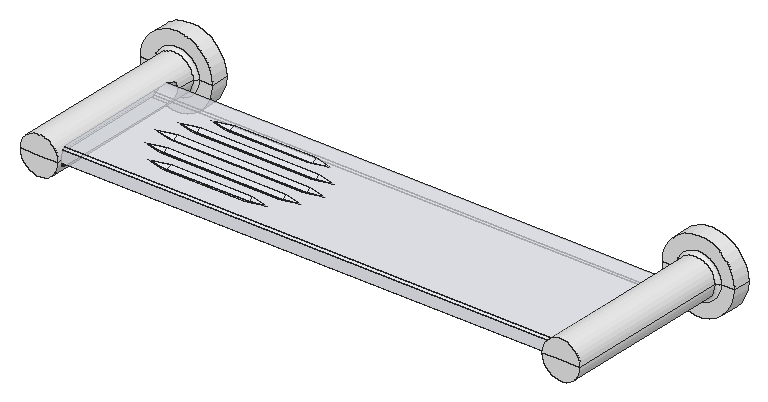
Revit family "Reece_Accessory_Sussex_Scala_Shower Shelf", category Plumbing Fixtures, Revit 2018
Family settings
  Round Connector Dimension = Use Diameter
  Part Type = Normal
  Work Plane-Based = Yes
  Always vertical = Yes
  Cut with Voids When Loaded = Yes
  Shared = Yes
  Room Calculation Point = Yes
Parameters (values of type "Satin Chrome")
  URL = "https://www.reece.com.au/product/-2261388"
  Type Comments = "Accessory"
  Reece_Product_Web Page = "https://www.reece.com.au/product/-2261388"
  Reece_Product_Type = "Accessory"  # constant formula
  Reece_Product_Sub Brand = "Scala"  # constant formula
  Reece_Product_Number = "2261388"
  Reece_Product_Mount = "Wall Mounted"
  Reece_Product_Description = "Sussex Scala Shower Shelf Satin Chrome"
  Reece_Product_Brand = "Sussex"  # constant formula
  Reece_Overall_Width = 346 mm  # constant formula
  Reece_Overall_Projection = 110 mm  # constant formula
  Reece_Overall_Diameter = 42 mm  # constant formula
  Reece_Material_Secondary = Reece_Safety Glass_Transparent
  Reece_Material_Main = Reece_Brass_Satin Chrome
  Reece_Height_From_Level [instance] = 800 mm
  Reece_Fixing_Point_Width = 304 mm  # constant formula
  Reece_Detail_Shape = ""
  Reece_Detail_Installation = ""
  Reece_Detail_Disclaimer = "THIS FILE IS THE PROPERTY OF THE REECE GROUP. IT MAY NOT BE REPRODUCED, REVERSE-ENGINEERED OR MODIFIED. ANY REPUBLICATION, TRANSMISSION OR DISTRIBUTION FOR THE PURPOSE OF COMMERCIALLY EXPLOITING THE FILES IS PROHIBITED."  # constant formula
  Reece_Detail_Connector = ""
  Reece_Detail_Additional = ""
  Model = "Scala"
  Manufacturer = "Sussex"
  Keynote = "Product #2261388, Reece_Accessory_Sussex_Scala_Shower Shelf - Satin Chrome"
  Disclaimer = "THIS FILE IS THE PROPERTY OF THE REECE GROUP. IT MAY NOT BE REPRODUCED, REVERSE-ENGINEERED OR MODIFIED. ANY REPUBLICATION, TRANSMISSION OR DISTRIBUTION FOR THE PURPOSE OF COMMERCIALLY EXPLOITING THE FILES IS PROHIBITED."  # constant formula
  Description = "Scala Shower Shelf Satin Chrome"
  Default Elevation = 0 mm
Types (4, lengths in mm): name | URL | Reece_Product_Web Page | Reece_Product_Number | Reece_Product_Description | Reece_Material_Main | Keynote | Description
  Brushed Nickel | "https://www.reece.com.au/product/-2263252" | "https://www.reece.com.au/product/-2263252" | "2263252" | "Sussex Scala Shower Shelf Brushed Nickel" | Reece_Brass_Brushed Nickel | "Product #2263252, Reece_Accessory_Sussex_Scala_Shower Shelf - Brushed Nickel" | "Scala Shower Shelf Brushed Nickel"
  Brushed Gunmetal | "https://www.reece.com.au/product/-2262514" | "https://www.reece.com.au/product/-2262514" | "2262514" | "Sussex Scala Shower Shelf Brushed Gunmetal" | Reece_Brass_Brushed Gunmetal | "Product #2262514, Reece_Accessory_Sussex_Scala_Shower Shelf - Brushed Gunmetal" | "Scala Shower Shelf Brushed Gunmetal"
  Chrome | "https://www.reece.com.au/product/-2261358" | "https://www.reece.com.au/product/-2261358" | "2261358" | "Sussex Scala Shower Shelf Chrome" | Reece_Brass_Chrome | "Product #2261358, Reece_Accessory_Sussex_Scala_Shower Shelf - Chrome" | "Scala Shower Shelf Chrome"
  Satin Chrome | "https://www.reece.com.au/product/-2261388" | "https://www.reece.com.au/product/-2261388" | "2261388" | "Sussex Scala Shower Shelf Satin Chrome" | Reece_Brass_Satin Chrome | "Product #2261388, Reece_Accessory_Sussex_Scala_Shower Shelf - Satin Chrome" | "Scala Shower Shelf Satin Chrome"
Reference planes
  plane 1 "Center (Front/Back)": y = 0
  plane 2 "Bottom Host Plane": z = -5
  plane 3 "Center (Left/Right)": x = 0
  plane 4 "fixing point": z = 795
  plane 5: x = -152
  plane 6: x = 152
  plane 7: x = -173
  plane 8: x = 173
  plane 9: z = 799.5
  plane 10: z = 790.5
  plane 11: z = 816
  plane 12: z = 774
  plane 13: z = 806
  plane 14: z = 784
  plane 15: y = -110
  plane 16: y = -26.3
  plane 17: y = -104.3
  plane 18: z = 697.954
Forms (mm)
  Sweep 1, void
    path origin (-71, -65.25, 995.4) x (-1, 0, 0) y (0, 0, -1)
      loop
        line (-52.05, 193.185) -> (-39.133, 195) -> (-0.317, 195) -> (38.499, 195) -> (51.416, 193.185)
    profile origin (-70.683, -65.25, 800.4) x (0, 0, 1) y (0, -1, 0)
      loop
        line (0, 4.747) -> (-2.447, 0) -> (0, -4.747) -> (0, 4.747)
  Extrusion 2, void
    sketch origin (1.009, 2.928, 995) x (0, 0, 1) y (0, -1, 0)
      loop
        line (-205.5, 105.445) -> (-205.5, 30.928)
        arc (-205.5, 30.928) -> (-200, 25.428) -> (-194.5, 30.928) r 5.5
        line (-194.5, 30.928) -> (-194.5, 105.445)
        arc (-194.5, 105.445) -> (-200, 110.945) -> (-205.5, 105.445) r 5.5
    from -153.009 to 150.991
  Sweep 3, void
    path origin (-71, -53.295, 995.4) x (-1, 0, 0) y (0, 0, 1)
      loop
        line (-47.5, -193.185) -> (-34.583, -195) -> (0, -195) -> (34.583, -195) -> (47.5, -193.185)
    profile origin (-71, -53.295, 800.4) x (0, 0, 1) y (0, 1, 0)
      loop
        line (0, -4.747) -> (0, 4.747) -> (-2.447, 0) -> (0, -4.747)
  Sweep 4, void
    path origin (-71, -42.283, 995.4) x (-1, 0, 0) y (0, 0, 1)
      loop
        line (-36.7, -193.185) -> (-23.783, -195) -> (0, -195) -> (23.783, -195) -> (36.7, -193.185)
    profile origin (-71, -42.283, 800.4) x (0, 0, 1) y (0, 1, 0)
      loop
        line (0, -4.747) -> (0, 4.747) -> (-2.447, 0) -> (0, -4.747)
  Revolve 5, solid, material "Reece_Brass_Satin Chrome" <- "Reece_Material_Main"
    sketch origin (0, 0, 795) x (0, 1, 0) y (-1, 0, 0)
      loop
        line (0, 152) -> (-110, 152) -> (-110, 141) -> (-12, 141)
        arc (-12, 141) -> (-10.586, 140.414) -> (-10, 139) r 2
        line (-10, 139) -> (-10, 131) -> (0, 131) -> (0, 152)
      axis (0, 152) -> (-110, 152)
    angle from 0 to 360
  Revolve 6, solid, material "Reece_Brass_Satin Chrome" <- "Reece_Material_Main"
    sketch origin (0, 0, 795) x (0, 1, 0) y (1, 0, 0)
      loop
        line (0, 152) -> (-110, 152) -> (-110, 141) -> (-12, 141)
        arc (-12, 141) -> (-10.586, 140.414) -> (-10, 139) r 2
        line (-10, 139) -> (-10, 131) -> (0, 131) -> (0, 152)
      axis (0, 152) -> (-110, 152)
    angle from 0 to 360
  Extrusion 7, solid, material "Reece_Safety Glass_Transparent" <- "Reece_Material_Secondary"
    sketch origin (-125.862, 0, 995) x (0, 1, 0) y (0, 0, 1)
      loop
        line (-104.3, -196.487) -> (-104.3, -203.513) -> (-103.313, -204.5) -> (-27.187, -204.5) -> (-26.3, -203.613) -> (-26.3, -196.387) -> (-27.187, -195.5) -> (-103.313, -195.5) -> (-104.3, -196.487)
    from -26.138 to 277.862
  Sweep 8, void
    path origin (-71, -77.205, 995.4) x (-1, 0, 0) y (0, 0, -1)
      loop
        line (-47.5, 193.185) -> (-34.583, 195) -> (0, 195) -> (34.583, 195) -> (47.5, 193.185)
    profile origin (-71, -77.205, 800.4) x (0, 0, -1) y (0, -1, 0)
      loop
        line (0, -4.747) -> (2.447, 0) -> (0, 4.747) -> (0, -4.747)
  Sweep 9, void
    path origin (-71, -88.217, 995.4) x (-1, 0, 0) y (0, 0, -1)
      loop
        line (-36.7, 193.185) -> (-23.783, 195) -> (0, 195) -> (23.783, 195) -> (36.7, 193.185)
    profile origin (-71, -88.217, 800.4) x (0, 0, -1) y (0, -1, 0)
      loop
        line (0, -4.747) -> (2.447, 0) -> (0, 4.747) -> (0, -4.747)
Cuts and joins
  Extrusion 2 cuts Revolve 5
  Extrusion 2 cuts Revolve 6
  Sweep 1, Sweep 3, Sweep 4, Sweep 8, Sweep 9 cuts Extrusion 7
Lines and regions (mm)
  model lines, style "InvisibleLines"
    curve 1: line (0, 0, -5) -> (0, 0, 795)
Text (mm)
  text "Reece ©" at (2600.876, -2262.857, 3153.08), in view "Reece Preview"
  text "Reece Copyright © 2018, Reece Ltd." at (155.619, -199.287, 0), in view "Ref. Level"
Dimensions and locks
  locked: plane 2 "Bottom Host Plane" to level at 5
  "Reece_Height_From_Level": plane 4 "fixing point" to plane 2 "Bottom Host Plane"
  equal spacing: plane 5, plane 3 "Center (Left/Right)", plane 6
  "Reece_Fixing_Point_Width": plane 5 to plane 6
  "Reece_Overall_Width": plane 7 to plane 8
  plane 9 to plane 10 = 9 mm
  "Reece_Overall_Diameter": plane 11 to plane 12
  plane 13 to plane 14 = 22 mm
  "Reece_Overall_Projection": plane 1 "Center (Front/Back)" to plane 15
  plane 16 to plane 17 = 78 mm
  locked: plane 11 to plane 4 "fixing point" at 21
  locked: plane 4 "fixing point" to plane 13 at 11
  locked: plane 4 "fixing point" to plane 9 at 4.5
  Extrusion 7 sketch curve to Extrusion 7 sketch curve = 4.968 mm
  aligned and locked: plane 1 "Center (Front/Back)" to curve 1
  aligned and locked: plane 4 "fixing point" to curve 1
  aligned and locked: plane 9 to Extrusion 7 sketch curve
  aligned and locked: plane 10 to Extrusion 7 sketch curve
Automatic sketch dimensions
  curve 1 to plane 3 "Center (Left/Right)" = 0 mm
  curve 1 to plane 2 "Bottom Host Plane" = 0 mm
  Sweep 1 sketch curve to plane 9 = 0.9 mm
  Sweep 1 sketch curve to plane 3 "Center (Left/Right)" = 31.867 mm
  Sweep 1 sketch curve to Sweep 1 sketch curve = 38.816 mm  (x2)
  Sweep 1 sketch curve to plane 9 = 2.716 mm  (x2)
  Sweep 1 sketch curve to Sweep 1 sketch curve = 12.917 mm  (x2)
  Sweep 1 sketch curve to profile plane = 0 mm
  profile plane to Sweep 1 sketch curve = 0 mm
  profile plane to Sweep 1 sketch curve = 2.447 mm
  Sweep 1 sketch curve to profile plane = 4.747 mm
  profile plane to Sweep 1 sketch curve = 4.747 mm
  Extrusion 2 sketch curve to plane 4 "fixing point" = 0 mm
  Extrusion 2 sketch curve to plane 10 = 1 mm
  Extrusion 2 sketch curve to plane 16 = 1.7 mm
  plane 17 to Extrusion 2 sketch curve = 1.783 mm
  Sweep 3 sketch curve to plane 9 = 0.9 mm
  Sweep 3 sketch curve to plane 3 "Center (Left/Right)" = 36.417 mm
  Sweep 3 sketch curve to Sweep 3 sketch curve = 34.583 mm  (x2)
  Sweep 3 sketch curve to plane 9 = 2.716 mm  (x2)
  Sweep 3 sketch curve to Sweep 3 sketch curve = 12.917 mm  (x2)
  Sweep 3 sketch curve to profile plane = 0 mm
  profile plane to Sweep 3 sketch curve = 0 mm
  profile plane to Sweep 3 sketch curve = 2.447 mm
  Sweep 3 sketch curve to profile plane = 4.747 mm
  profile plane to Sweep 3 sketch curve = 4.747 mm
  Sweep 4 sketch curve to plane 9 = 0.9 mm
  Sweep 4 sketch curve to plane 3 "Center (Left/Right)" = 47.217 mm
  Sweep 4 sketch curve to Sweep 4 sketch curve = 23.783 mm  (x2)
  Sweep 4 sketch curve to plane 9 = 2.716 mm  (x2)
  Sweep 4 sketch curve to Sweep 4 sketch curve = 12.917 mm  (x2)
  Sweep 4 sketch curve to profile plane = 0 mm
  profile plane to Sweep 4 sketch curve = 0 mm
  profile plane to Sweep 4 sketch curve = 2.447 mm
  Sweep 4 sketch curve to profile plane = 4.747 mm
  profile plane to Sweep 4 sketch curve = 4.747 mm
  Revolve 5 sketch curve to plane 5 = 0 mm  (x2)
  Revolve 5 sketch curve to plane 15 = 0 mm
  plane 1 "Center (Front/Back)" to Revolve 5 sketch curve = 0 mm
  plane 1 "Center (Front/Back)" to Revolve 5 sketch curve = 12 mm
  Revolve 5 sketch curve to Revolve 5 sketch curve = 2 mm
  Revolve 5 sketch curve to Revolve 5 sketch curve = 11 mm
  Revolve 5 sketch curve to Revolve 5 sketch curve = 8 mm
  Revolve 5 sketch curve to plane 16 = 28.7 mm
  plane 16 to Revolve 5 sketch curve = 11.3 mm
  Revolve 6 sketch curve to plane 6 = 0 mm  (x2)
  Revolve 6 sketch curve to plane 15 = 0 mm
  plane 1 "Center (Front/Back)" to Revolve 6 sketch curve = 0 mm
  Revolve 6 sketch curve to plane 1 "Center (Front/Back)" = 12 mm
  Revolve 6 sketch curve to Revolve 6 sketch curve = 2 mm
  Revolve 6 sketch curve to Revolve 6 sketch curve = 11 mm
  Revolve 6 sketch curve to Revolve 6 sketch curve = 8 mm
  plane 16 to Revolve 6 sketch curve = 28.7 mm
  Revolve 6 sketch curve to plane 16 = 11.3 mm
  Extrusion 7 sketch curve to plane 17 = 0 mm
  Extrusion 7 sketch curve to plane 16 = 0 mm
  plane 17 to Extrusion 7 sketch curve = 0.987 mm  (x2)
  Extrusion 7 sketch curve to plane 16 = 0.887 mm  (x2)
  plane 10 to Extrusion 7 sketch curve = 0.887 mm
  plane 10 to Extrusion 7 sketch curve = 0.987 mm
  plane 9 to Extrusion 7 sketch curve = 0.887 mm
  Sweep 8 sketch curve to plane 9 = 0.9 mm
  Sweep 8 sketch curve to plane 3 "Center (Left/Right)" = 36.417 mm
  Sweep 8 sketch curve to Sweep 8 sketch curve = 34.583 mm  (x2)
  Sweep 8 sketch curve to plane 9 = 2.716 mm  (x2)
  Sweep 8 sketch curve to Sweep 8 sketch curve = 12.917 mm  (x2)
  Sweep 8 sketch curve to profile plane = 0 mm  (x2)
  Sweep 8 sketch curve to profile plane = 2.447 mm
  Sweep 8 sketch curve to profile plane = 4.747 mm
  profile plane to Sweep 8 sketch curve = 4.747 mm
  Sweep 9 sketch curve to plane 9 = 0.9 mm
  Sweep 9 sketch curve to plane 3 "Center (Left/Right)" = 47.217 mm
  Sweep 9 sketch curve to Sweep 9 sketch curve = 23.783 mm  (x2)
  Sweep 9 sketch curve to plane 9 = 2.716 mm  (x2)
  Sweep 9 sketch curve to Sweep 9 sketch curve = 12.917 mm  (x2)
  Sweep 9 sketch curve to profile plane = 0 mm  (x2)
  Sweep 9 sketch curve to profile plane = 2.447 mm
  Sweep 9 sketch curve to profile plane = 4.747 mm
  profile plane to Sweep 9 sketch curve = 4.747 mm
